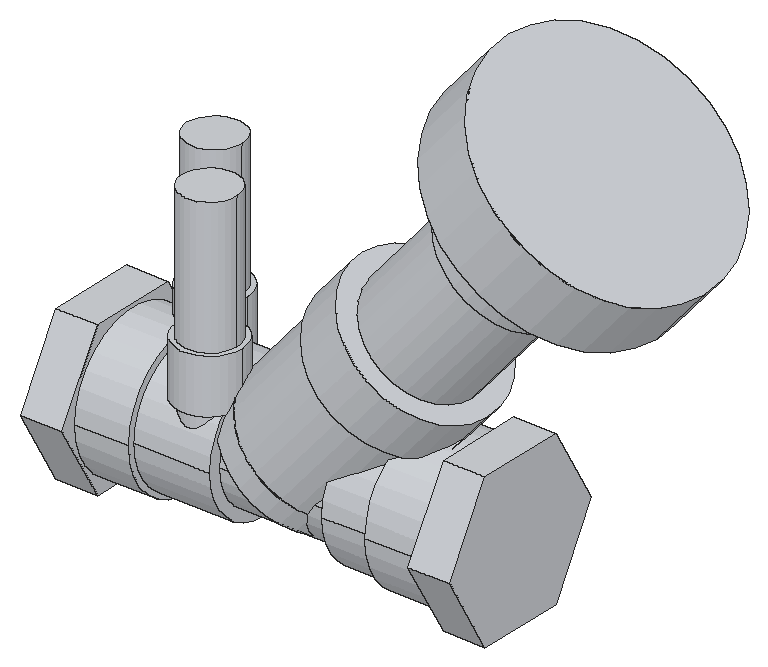
Revit family "D9515-DN32-RFA_2018", category Pipe Accessories, Revit 2018
Family settings
  Round Connector Dimension = Use Diameter
  Part Type = Valve - Breaks Into
  Work Plane-Based = No
  Always vertical = Yes
  Cut with Voids When Loaded = No
  Shared = No
Parameters (values of type "D9515 DN32")
  magiProductId = "dc2d0354abae4200a8eaff76faf524"
  magiProductFamilyId = "2231140663314cd0b01ba8939d6b11"
  magiPartTypeId = 304
  isMeasuringValve [instance] = no
  ang2D [instance] = 0.00°
  W2D = 15 mm
  W21 = 9.3 mm
  VersionID = "2.0/2017.10.31.1/VIR_9515_001"
  Use Minimum Symbol Size [instance] = yes
  URL = "www.hydronix.cz"
  Type Comments = "Ruční vyvažovací ventil s měřením na cloně; PN25; -10~+130°C; (měřicí vsuvky -10~+120°C)"
  RN2 = 20.4 mm
  RN = 24.18 mm
  R7 = 9 mm
  R6 = 7.5 mm
  R3 = 20.15 mm
  R2 = 18.6 mm
  R14 = 20 mm
  R13 = 17 mm
  R12 = 22.165 mm
  R11 = 20.15 mm
  R1 = 15.5 mm
  QmdConnectorList = "301;D;302;D"
  Productdata [instance] = ""
  NUT1 = no
  Manufacturer = "Hydronix"
  MC Product Code = "9515 032 (DN32, PN25; kvs12,54; kvc20,25)"
  MC Piping Given Pressure Drop [instance] = 0.0 Pa
  L_2 = 58.75 mm
  L5 = 2 mm
  L4__ve = -L4  # -21 mm
  L4 = 21 mm
  L3 = 13 mm
  L2__ve = -L2  # -15 mm
  L2D_Min = 3048 mm
  L2D = 87.8 mm
  L22 = 21 mm
  L21 = 7.5 mm
  L2 = 15 mm
  L1__ve = -L1  # -11.4 mm
  L1 = 11.4 mm
  HWR = 35 mm
  H24 = 36.9 mm
  H23 = 14.76 mm
  H22 = 12.25 mm
  H21 = 12.15 mm
  H15 = 20 mm
  H14 = 37.197 mm
  H13 = 9 mm
  H12 = 15 mm
  H11 = 32 mm
  H10 = 7 mm
  Description = "Ruční vyvažovací ventil s měřením na cloně; PN25"
  D = 32 mm
  CenSd_RN_6 = RN * cos(30.00°)  # 20.94 mm
  CenSd_RN2_6 = RN2 * cos(30.00°)  # 17.667 mm
  CAT0 = yes
Types (6, lengths in mm): name | magiProductId | W21 | RN2 | RN | R3 | R2 | R13 | R12 | R11 | R1 | MC Product Code | L_2 | L3 | L2__ve | L2 | L1__ve | L1 | H24 | H23 | H22 | H21 | H14 | H12 | H10 | D | CenSd_RN_6 | CenSd_RN2_6
  D9515 DN15 | "17cbc467cde14417a5a74aa240a316" | 6.75 | 17.55 | 17.55 | 14.625 | 13.5 | 14.625 | 16.087 | 14.625 | 11.25 | "9515 015 (DN15, PN25; kvs1,92; kvc2,80)" | 43.9 | 10 | -12 | 12 | -8 | 8 | 30.9 | 12.36 | 6.725 | 6.625 | 19.088 | 10 | 4 | 15 | 15.199 | 15.199
  D9515 DN20 | "db511cd39f454f418d6e49e6ac0c56" | 7.5 | 19.5 | 19.5 | 16.25 | 15 | 16.25 | 17.875 | 16.25 | 12.5 | "9515 020 (DN20, PN25; kvs3,67; kvc5,33)" | 47.95 | 10 | -12 | 12 | -9 | 9 | 30.9 | 12.36 | 8.35 | 8.25 | 18.088 | 10 | 5 | 20 | 16.887 | 16.887
  D9515 DN25 | "e8aaae3d88cc438088acb51c2ae749" | 8.25 | 21.45 | 21.45 | 17.875 | 16.5 | 17.875 | 19.663 | 17.875 | 13.75 | "9515 025 (DN25, PN25; kvs6,24; kvc9,72)" | 50 | 12 | -14 | 14 | -10 | 10 | 30.9 | 12.36 | 9.975 | 9.875 | 17.088 | 10 | 6 | 25 | 18.576 | 18.576
  D9515 DN32 | "dc2d0354abae4200a8eaff76faf524" | 9.3 | 20.4 | 24.18 | 20.15 | 18.6 | 17 | 22.165 | 20.15 | 15.5 | "9515 032 (DN32, PN25; kvs12,54; kvc20,25)" | 58.75 | 13 | -15 | 15 | -11.4 | 11.4 | 36.9 | 14.76 | 12.25 | 12.15 | 37.197 | 15 | 7 | 32 | 20.94 | 17.667
  D9515 DN40 | "9b6b6dd7761a428fa780a8a57ab3c3" | 10.5 | 20.4 | 27.3 | 22.75 | 21 | 17 | 25.025 | 22.75 | 17.5 | "9515 040 (DN40, PN25; kvs19,59; kvc30,23)" | 63.5 | 14 | -16 | 16 | -13 | 13 | 37.5 | 15 | 14.85 | 14.75 | 38.807 | 15 | 8 | 40 | 23.642 | 17.667
  D9515 DN50 | "6b5b9dd02a164b53a7f96efb176f34" | 12 | 20.4 | 31.2 | 26 | 24 | 17 | 28.6 | 26 | 20 | "9515 050 (DN50, PN25; kvs29,72; kvc55,07)" | 72.65 | 15 | -17 | 17 | -15 | 15 | 40.8 | 16.32 | 18.1 | 18 | 51.167 | 15 | 10 | 50 | 27.02 | 17.667
Reference planes
  plane 1 "Center (Front/Back)": y = 0
  plane 2 "XYPLANE": z = 0
  plane 3 "Center (Left/Right)": x = 0
  plane 4 "329": through (-572.034, 0, 487.453) normal (0.6428, 0, 0.766)
  plane 5 "328": y = -9.3
  plane 6 "327": y = 9.3
  plane 7 "312": through (-551.465, 0, 511.966) normal (0.6428, 0, 0.766)
  plane 8 "176": z = 26.91
  plane 9 "173": z = 12.25
  plane 10 "163": x = -2
  plane 11 "158": x = 19.35
  plane 12 "157": x = 32.35
  plane 13 "154": x = -11.35
  plane 14 "83": z = 27.01
  plane 15 "76": x = -32.35
  plane 16 "73": z = 12.15
  plane 17 "70": z = 0
  plane 18 "69": y = 0
  plane 19 "68": x = -18.85
  plane 20 "60": through (-505.058, 0, 567.272) normal (0.6428, 0, 0.766)
  plane 21 "57": through (-517.913, 0, 551.951) normal (0.6428, 0, 0.766)
  plane 22 "54": through (-541.823, 0, 523.457) normal (0.6428, 0, 0.766)
  plane 23 "32": through (-576.533, 0, 482.091) normal (0.6428, 0, 0.766)
  plane 24 "31": y = 0
  plane 25 "30": through (480.091, 0, 574.533) normal (0.766, 0, -0.6428)
  plane 26 "21": x = -32.35
  plane 27 "20": x = 47.35
  plane 28 "19": x = -47.35
  plane 29 "13": x = 0
  plane 30 "11": x = 58.75
  plane 31 "10": x = -58.75
  plane 32 "9": y = 0
  plane 33 "8": z = 0
  plane 34 "65XY": z = 0
  plane 35 "65XZ": y = 0
  plane 36 "65YZ": x = -2.9
  plane 37 "27XY": through (-576.533, 0, 482.091) normal (0.6428, 0, 0.766)
  plane 38 "27XZ": y = 0
  plane 39 "27YZ": through (480.091, 0, 574.533) normal (0.766, 0, -0.6428)
Forms (mm)
  Extrusion 1, solid, visible <- "CAT0"
    sketch origin (-576.533, 0, 482.091) x (0.766044, 0, -0.642788) y (0, 1, 0)
      loop
        circle (750, 0) r 20.15
    from 0 to 7 <- "H10"
  Extrusion 2, solid
    sketch origin (32.35, -750, 0) x (0, 1, 0) y (0, 0, 1)
      loop
        circle (750, 0) r 20.15
    from 0 to 15 <- "L2"
  Extrusion 3, solid
    sketch origin (19.35, -750, 0) x (0, 1, 0) y (0, 0, 1)
      loop
        circle (750, 0) r 18.6
    from 0 to 13 <- "L3"
  Extrusion 4, solid
    sketch origin (-32.35, -750, 0) x (0, 1, 0) y (0, 0, 1)
      loop
        circle (750, 0) r 20.15
    from 0 to -15 <- "L2__ve"
  Extrusion 5, solid
    sketch origin (-11.35, -750, 0) x (0, 1, 0) y (0, 0, 1)
      loop
        circle (750, 0) r 18.6
    from 0 to -21 <- "L4__ve"
  Extrusion 6, solid
    sketch origin (-572.034, 0, 487.453) x (0.766044, 0, -0.642788) y (0, 1, 0)
      loop
        circle (750, 0) r 20.15
    from 0 to 32 <- "H11"
  Extrusion 7, solid
    sketch origin (-2.9, 750, 26.91) x (0, -1, 0) y (1, 0, 0)
      loop
        circle (740.7, -29.45) r 7.5
    from 0 to 36.9 <- "H24"
  Extrusion 8, solid
    sketch origin (-2.9, 750, 12.15) x (0, -1, 0) y (1, 0, 0)
      loop
        circle (740.7, -29.45) r 9
    from 0 to 14.76 <- "H23"
  Extrusion 9, solid
    sketch origin (-541.823, 0, 523.457) x (0.766044, 0, -0.642788) y (0, 1, 0)
      loop
        circle (750, 0) r 17
    from 0 to 37.197 <- "H14"
  Extrusion 10, solid, visible <- "NUT1"
    sketch origin (-541.823, 0, 523.457) x (0.766044, 0, -0.642788) y (0, 1, 0)
      loop
        line (750, 20.4) -> (732.333, 10.2) -> (732.333, -10.2) -> (750, -20.4) -> (767.667, -10.2) -> (767.667, 10.2) -> (750, 20.4)
    from 0 to 9 <- "H13"
  Blend 11, solid
    base sketch origin (-11.35, -750, 0) x (0, 1, 0) y (0, 0, 1)
      loop
        circle (750, 0) r 15.5
    top sketch origin (-11.35, -750, 0) x (0, 1, 0) y (0, 0, 1)
      loop
        circle (750, 0) r 15.5
    from 0 to 30.7
  Extrusion 12, solid
    sketch origin (-2.9, 750, 0) x (0, -1, 0) y (1, 0, 0)
      loop
        circle (759.3, -15.95) r 7.5
    from 0 to 12.25 <- "H22"
  Extrusion 13, solid
    sketch origin (-2.9, 750, 27.01) x (0, -1, 0) y (1, 0, 0)
      loop
        circle (759.3, -15.95) r 7.5
    from 0 to 36.9 <- "H24"
  Extrusion 14, solid
    sketch origin (-2.9, 750, 0) x (0, -1, 0) y (1, 0, 0)
      loop
        circle (740.7, -29.45) r 7.5
    from 0 to 12.15 <- "H21"
  Extrusion 15, solid
    sketch origin (-2.9, 750, 12.25) x (0, -1, 0) y (1, 0, 0)
      loop
        circle (759.3, -15.95) r 9
    from 0 to 14.76 <- "H23"
  Extrusion 16, solid, visible <- "CAT0"
    sketch origin (-505.058, 0, 567.272) x (0.766044, 0, -0.642788) y (0, 1, 0)
      loop
        circle (750, 0) r 35
    from 0 to 20 <- "H15"
  Extrusion 17, solid
    sketch origin (-517.913, 0, 551.951) x (0.766044, 0, -0.642788) y (0, 1, 0)
      loop
        circle (750, 0) r 20
    from 0 to 20 <- "H15"
  Extrusion 18, solid
    sketch origin (-551.465, 0, 511.966) x (0.766044, 0, -0.642788) y (0, 1, 0)
      loop
        circle (750, 0) r 22.165
    from 0 to 15 <- "H12"
  Extrusion 19, solid
    sketch origin (58.75, -750, 0) x (0, 1, 0) y (0, 0, 1)
      loop
        line (725.82, 0) -> (737.91, -20.94) -> (762.09, -20.94) -> (774.18, 0) -> (762.09, 20.94) -> (737.91, 20.94) -> (725.82, 0)
    from 0 to -11.4 <- "L1__ve"
  Extrusion 20, solid
    sketch origin (-58.75, -750, 0) x (0, 1, 0) y (0, 0, 1)
      loop
        line (774.18, 0) -> (762.09, 20.94) -> (737.91, 20.94) -> (725.82, 0) -> (737.91, -20.94) -> (762.09, -20.94) -> (774.18, 0)
    from 0 to 11.4 <- "L1"
  Extrusion 21, solid, not visible
    sketch origin (58.75, -750, 0) x (0, 1, 0) y (0, 0, 1)
      loop
        circle (750, 0) r 12.55
    from 0 to -10
  Extrusion 22, solid, not visible
    sketch origin (-58.75, -750, 0) x (0, 1, 0) y (0, 0, 1)
      loop
        circle (750, 0) r 12.55
    from 0 to 10
Lines and regions (mm)
  reference lines, not visible
    curve 1: circle (2, 2, 0) r 1 normal (0, 0, 1)
  reference lines
    curve 2: line (32.711, 0, 41.366) -> (38.532, -4.387, 36.482)
    curve 3: line (32.711, 0, 41.366) -> (32.711, -8.775, 41.366)
    curve 4: line (32.711, 0, 41.366) -> (26.889, -4.387, 46.251)
    curve 5: line (58.75, 0, 0) -> (58.75, 4.387, -7.599)
    curve 6: line (58.75, 0, 0) -> (58.75, 8.775, 0)
    curve 7: line (58.75, 0, 0) -> (58.75, 4.387, 7.599)
    curve 8: line (-58.75, 0, 0) -> (-58.75, -4.387, -7.599)
    curve 9: line (-58.75, 0, 0) -> (-58.75, -8.775, 0)
    curve 10: line (-58.75, 0, 0) -> (-58.75, -4.387, 7.599)
Dimensions and locks
  plane 1 "Center (Front/Back)" to curve 1 = 2 mm
  "H10": plane 23 "32" to plane 4 "329"
  "W21": plane 18 "69" to plane 5 "328"
  "W21": plane 18 "69" to plane 6 "327"
  "H11": plane 4 "329" to plane 7 "312"
  "H23": plane 16 "73" to plane 8 "176"
  "H22": plane 17 "70" to plane 9 "173"
  "L5": plane 29 "13" to plane 10 "163"
  "L3": plane 12 "157" to plane 11 "158"
  "L2": plane 27 "20" to plane 12 "157"
  "L4": plane 26 "21" to plane 13 "154"
  "H23": plane 9 "173" to plane 14 "83"
  "L22": plane 13 "154" to plane 15 "76"
  "H21": plane 17 "70" to plane 16 "73"
  locked: plane 33 "8" to plane 17 "70"
  locked: plane 32 "9" to plane 18 "69"
  "L21": plane 13 "154" to plane 19 "68"
  "H15": plane 21 "57" to plane 20 "60"
  "H14": plane 22 "54" to plane 21 "57"
  "H12": plane 7 "312" to plane 22 "54"
  locked: plane 37 "27XY" to plane 23 "32"
  locked: plane 32 "9" to plane 24 "31"
  locked: plane 39 "27YZ" to plane 25 "30"
  "L2": plane 28 "19" to plane 26 "21"
  "L1": plane 30 "11" to plane 27 "20"
  "L1": plane 31 "10" to plane 28 "19"
  locked: plane 3 "Center (Left/Right)" to plane 29 "13"
  "L_2": plane 3 "Center (Left/Right)" to plane 30 "11"
  "L_2": plane 3 "Center (Left/Right)" to plane 31 "10"
  locked: plane 1 "Center (Front/Back)" to plane 32 "9"
  locked: plane 2 "XYPLANE" to plane 33 "8"
  "CenSd_RN2_6": curve 2 to Extrusion 10 sketch curve  (x2)
  "CenSd_RN2_6": curve 3 to Extrusion 10 sketch curve  (x2)
  "CenSd_RN2_6": curve 4 to Extrusion 10 sketch curve  (x2)
  Extrusion 10 sketch curve to Extrusion 10 sketch curve = 0 mm  (x12)
  "CenSd_RN_6": curve 5 to Extrusion 19 sketch curve  (x2)
  "CenSd_RN_6": curve 6 to Extrusion 19 sketch curve  (x2)
  "CenSd_RN_6": curve 7 to Extrusion 19 sketch curve  (x2)
  Extrusion 19 sketch curve to Extrusion 19 sketch curve = 0 mm  (x12)
  "CenSd_RN_6": curve 8 to Extrusion 20 sketch curve  (x2)
  "CenSd_RN_6": curve 9 to Extrusion 20 sketch curve  (x2)
  "CenSd_RN_6": curve 10 to Extrusion 20 sketch curve  (x2)
  Extrusion 20 sketch curve to Extrusion 20 sketch curve = 0 mm  (x12)
  "R11": radius of Extrusion 1 sketch curve
  "R3": radius of Extrusion 2 sketch curve
  "R2": radius of Extrusion 3 sketch curve
  "R3": radius of Extrusion 4 sketch curve
  "R2": radius of Extrusion 5 sketch curve
  "R11": radius of Extrusion 6 sketch curve
  "R6": radius of Extrusion 7 sketch curve
  "R7": radius of Extrusion 8 sketch curve
  "R13": radius of Extrusion 9 sketch curve
  "R1": radius of Blend 11 sketch curve  (x2)
  "R6": radius of Extrusion 12 sketch curve
  "R6": radius of Extrusion 13 sketch curve
  "R6": radius of Extrusion 14 sketch curve
  "R7": radius of Extrusion 15 sketch curve
  "HWR": radius of Extrusion 16 sketch curve
  "R14": radius of Extrusion 17 sketch curve
  "R12": radius of Extrusion 18 sketch curve
  locked: curve 3 to curve 2 (angle 60.00°)
  locked: curve 4 to curve 3 (angle 60.00°)
  locked: curve 4 to curve 2 (angle 120.00°)
  locked: curve 6 to curve 5 (angle 60.00°)
  locked: curve 7 to curve 6 (angle 60.00°)
  locked: curve 7 to curve 5 (angle 120.00°)
  locked: curve 9 to curve 8 (angle 60.00°)
  locked: curve 10 to curve 9 (angle 60.00°)
  locked: curve 10 to curve 8 (angle 120.00°)
  aligned and locked: level to plane 2 "XYPLANE"
  aligned and locked: plane 24 "31" to Extrusion 1 sketch curve
  aligned and locked: Extrusion 1 sketch curve to plane 25 "30"
  aligned and locked: Extrusion 2 sketch curve to plane 32 "9"
  aligned and locked: plane 33 "8" to Extrusion 2 sketch curve
  aligned and locked: Extrusion 3 sketch curve to plane 32 "9"
  aligned and locked: plane 33 "8" to Extrusion 3 sketch curve
  aligned and locked: Extrusion 4 sketch curve to plane 32 "9"
  aligned and locked: plane 33 "8" to Extrusion 4 sketch curve
  aligned and locked: Extrusion 5 sketch curve to plane 32 "9"
  aligned and locked: plane 33 "8" to Extrusion 5 sketch curve
  aligned and locked: plane 24 "31" to Extrusion 6 sketch curve
  aligned and locked: Extrusion 6 sketch curve to plane 25 "30"
  aligned and locked: plane 6 "327" to Extrusion 7 sketch curve
  aligned and locked: plane 15 "76" to Extrusion 7 sketch curve
  aligned and locked: plane 6 "327" to Extrusion 8 sketch curve
  aligned and locked: plane 15 "76" to Extrusion 8 sketch curve
  aligned and locked: plane 24 "31" to Extrusion 9 sketch curve
  aligned and locked: Extrusion 9 sketch curve to plane 25 "30"
  aligned and locked: curve 2 to plane 25 "30"
  aligned and locked: plane 24 "31" to curve 3
  aligned and locked: Blend 11 sketch curve to plane 32 "9"  (x2)
  aligned and locked: plane 33 "8" to Blend 11 sketch curve  (x2)
  aligned and locked: plane 11 "158" to Blend 11
  aligned and locked: plane 5 "328" to Extrusion 12 sketch curve
  aligned and locked: plane 19 "68" to Extrusion 12 sketch curve
  aligned and locked: plane 5 "328" to Extrusion 13 sketch curve
  aligned and locked: plane 19 "68" to Extrusion 13 sketch curve
  aligned and locked: plane 6 "327" to Extrusion 14 sketch curve
  aligned and locked: plane 15 "76" to Extrusion 14 sketch curve
  aligned and locked: plane 5 "328" to Extrusion 15 sketch curve
  aligned and locked: plane 19 "68" to Extrusion 15 sketch curve
  aligned and locked: plane 24 "31" to Extrusion 16 sketch curve
  aligned and locked: Extrusion 16 sketch curve to plane 25 "30"
  aligned and locked: plane 24 "31" to Extrusion 17 sketch curve
  aligned and locked: Extrusion 17 sketch curve to plane 25 "30"
  aligned and locked: plane 24 "31" to Extrusion 18 sketch curve
  aligned and locked: Extrusion 18 sketch curve to plane 25 "30"
  aligned and locked: curve 7 to plane 32 "9"
  aligned and locked: plane 33 "8" to curve 7
  aligned and locked: curve 10 to plane 32 "9"
  aligned and locked: plane 33 "8" to curve 10
  aligned and locked: Extrusion 21 sketch curve to plane 32 "9"
  aligned and locked: plane 33 "8" to Extrusion 21 sketch curve
  aligned and locked: Extrusion 22 sketch curve to plane 32 "9"
  aligned and locked: plane 33 "8" to Extrusion 22 sketch curve
Automatic sketch dimensions
  Extrusion 21 sketch curve to plane 5 "328" = 3.25 mm
  Extrusion 22 sketch curve to plane 5 "328" = 3.25 mm
  plane 3 "Center (Left/Right)" to curve 1 = 2 mm
  radius of curve 1 = 1 mm
Connectors
  piping at (-58.75, 0, 0), diameter 32, driven by "D"
    settings: on Extrusion 22, index 1, connector inside diameter 609.6 mm, connector length 0 mm, flow factor 0, pipe flow 0.0 L/s, pressure drop 0.0 Pa, fitting loss kfactor 0, connector angle 0.00°, fixture units 0, engagement length 0 mm, angle of deflection 0.00°, flow configuration 0, flow direction 0, fitting loss method 0, system type 29, joint type 0, gender type 0, connector reference index 2, connector utility 0, adjustable connector no, is connector primary yes, connector description ""
  piping at (58.75, 0, 0), diameter 32, driven by "D"
    settings: on Extrusion 21, index 2, connector inside diameter 609.6 mm, connector length 0 mm, flow factor 0, pipe flow 0.0 L/s, pressure drop 0.0 Pa, fitting loss kfactor 0, connector angle 0.00°, fixture units 0, engagement length 0 mm, angle of deflection 0.00°, flow configuration 0, flow direction 0, fitting loss method 0, system type 29, joint type 0, gender type 0, connector reference index 1, connector utility 0, adjustable connector no, is connector primary no, connector description ""
